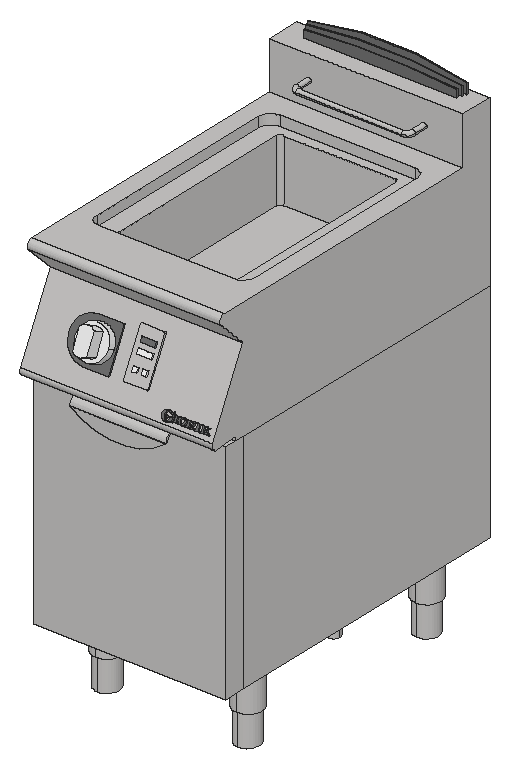
Revit family "QF_GIORIK_FG7113MT", category Specialty Equipment, Revit 2014
Parameters (values of type "FG7113MT")
  Weight in Pounds = 149.9142
  Watts = 100 W
  Volts = 230 V
  URL Cutsheet = "www.giorik.com"
  URL = "www.giorik.com"
  Status [instance] = ""
  Specification by User [instance] = ""
  Specification by Manufacturer = ""
  Show Logo [instance] = yes
  Show Clearance [instance] = yes
  Serial Number = ""
  Seismic Rating = ""
  SMACNA No = ""
  Revision Code [instance] = ""
  Phase = 1
  Number of Poles [instance] = 1
  NAFEM Spec ID Number = ""
  Model = "FG7113MT"
  Min Ckt Ampacity = 0 A
  Mechanical Remarks [instance] = "Natural Gas"
  Mechanical Connection Type [instance] = ""
  Max Overcurrent Protection = 0 A
  Masterspec = ""
  Manufacturer = "GIORIK"
  Item Number [instance] = ""
  Installed By [instance] = ""
  Identify Quantity as Lot [instance] = no
  HP = "0.134102000000"
  Gas Size = 1"
  Gas RI Height [instance] = 0 mm
  Gas KW = 11.5
  Gas Input = 11500 W
  Gas Connection Height [instance] = 150 mm
  Furnished By [instance] = ""
  Foodservice Equipment Identifier [instance] = yes
  FL Amps = 0 A
  Electrical Remarks [instance] = ""
  Electric Connection Type [instance] = ""
  Elec Conn RI Height [instance] = 0 mm
  Elec Conn Connection Height [instance] = 150 mm
  Description = "13 LITRE MELTING GAS FRYER."
  Cycle = 50 Hz
  Conn Plug = ""
  Conn Conduit [instance] = no
  CSI MasterFormat = ""
  Assembly Code = "E1090320"
  Apparent Power = 100 VA
Reference planes
  plane 1 "Back": y = 0
  plane 2: z = 0
  plane 3 "Left": x = 0
  plane 4 "Right": x = 400
  plane 5 "Front": y = -720
  plane 6 "Top": z = 900
Forms (mm)
  Extrusion 1, solid, visible <- "Show Logo"
    sketch origin (196.604, -736.761, 609.486) x (-1, 0, 0) y (0, 0.452718, 0.891654)
      loop
        line (-118.824, 58.358) -> (-127.804, 58.358) -> (-125.523, 56.445) -> (-125.523, 48.027) -> (-127.804, 46.113) -> (-118.824, 46.113) -> (-121.105, 48.027) -> (-121.105, 56.445) -> (-118.824, 58.358)
      loop
        line (-163.721, 58.358) -> (-172.7, 58.358) -> (-170.42, 56.445) -> (-170.42, 48.027) -> (-172.7, 46.113) -> (-163.721, 46.113) -> (-166.001, 48.027) -> (-166.001, 56.445) -> (-163.721, 58.358)
      loop
        line (-174.332, 58.358) -> (-183.312, 58.358) -> (-181.031, 56.445) -> (-181.031, 52.435) -> (-186.419, 56.955) -> (-184.416, 58.358) -> (-191.268, 58.358) -> (-188.01, 56.839) -> (-185.455, 54.283) -> (-190.846, 47.858) -> (-193.396, 46.93) -> (-193.396, 46.113) -> (-184.416, 46.113) -> (-185.437, 47.571) -> (-182.443, 51.552) -> (-181.031, 50.894) -> (-181.031, 48.027) -> (-183.312, 46.113) -> (-174.332, 46.113) -> (-176.613, 48.027) -> (-176.613, 56.445) -> (-174.332, 58.358)
      loop
        line (-115.429, 62.063) -> (-115.429, 54.198)
        arc (-115.429, 54.198) -> (-111.618, 57.803) -> (-106.847, 59.986) r 16.039
        arc (-106.847, 59.986) -> (-103.314, 59.837) -> (-100.512, 57.68) r 5.851
        arc (-100.512, 57.68) -> (-98.815, 52.267) -> (-100.512, 46.853) r 9.479
        arc (-100.512, 46.853) -> (-102.406, 44.986) -> (-104.846, 43.93) r 7.236
        arc (-104.846, 43.93) -> (-107.728, 44.111) -> (-110.052, 45.825) r 5.11
        line (-110.052, 45.825) -> (-110.052, 52.001) -> (-116.141, 52.001) -> (-116.141, 45.503) -> (-117.893, 43.751) -> (-114.094, 44.769)
        arc (-114.094, 44.769) -> (-112.56, 44.947) -> (-111.129, 44.366) r 3.115
        arc (-111.129, 44.366) -> (-104.216, 42.091) -> (-97.303, 44.366) r 11.641
        arc (-97.303, 44.366) -> (-93.396, 52.107) -> (-97.303, 59.849) r 9.622
        arc (-97.303, 59.849) -> (-104.369, 62.174) -> (-111.435, 59.849) r 11.898
        line (-111.435, 59.849) -> (-115.429, 62.063)
      loop
        arc (-129.234, 56.068) -> (-135.893, 58.628) -> (-142.552, 56.068) r 9.941
        arc (-142.552, 56.068) -> (-144.234, 52.286) -> (-142.552, 48.505) r 5.093
        arc (-142.552, 48.505) -> (-135.893, 45.945) -> (-129.234, 48.505) r 9.941
        arc (-129.234, 48.505) -> (-127.552, 52.286) -> (-129.234, 56.068) r 5.093
      loop
        arc (-132.628, 54.403) -> (-135.893, 57.668) -> (-139.158, 54.403) r 3.265
        line (-139.158, 54.403) -> (-139.158, 50.169)
        arc (-139.158, 50.169) -> (-135.893, 46.904) -> (-132.628, 50.169) r 3.265
        line (-132.628, 50.169) -> (-132.628, 54.403)
      loop
        arc (-156.363, 58.365) -> (-159.647, 55.081) -> (-156.363, 51.796) r 3.285
        line (-156.363, 51.796) -> (-159.529, 47.306) -> (-162.087, 46.113) -> (-155.847, 46.113) -> (-153.529, 51.083) -> (-150.637, 51.083) -> (-150.637, 47.784) -> (-153.022, 46.113) -> (-144.011, 46.113) -> (-146.094, 47.68) -> (-146.094, 56.493) -> (-144.229, 58.365) -> (-156.363, 58.365)
      loop
        line (-150.637, 57.512) -> (-153.637, 57.512)
        arc (-153.637, 57.512) -> (-156.237, 54.912) -> (-153.637, 52.312) r 2.6
        line (-153.637, 52.312) -> (-150.637, 52.312) -> (-150.637, 57.512)
      loop
        line (-108.924, 52.001) -> (-104.936, 49.005) -> (-100.948, 52.001) -> (-108.924, 52.001)
    from 1.5 to -0.5
  Extrusion 2, solid
    sketch origin (-16, 1025.81, 0) x (1, 0, 0) y (0, 1, 0)
      loop
        line (25, -1086.81) -> (25, -1156.81) -> (115, -1156.81) -> (115, -1086.81) -> (25, -1086.81)
    from 148 to 150
  Extrusion 3, solid
    sketch origin (-14, 0, 130) x (1, 0, 0) y (0, 1, 0)
      loop
        circle (54, -385) r 12.5
    from 0 to 20
  Extrusion 4, solid
    sketch origin (0, 1000, -20) x (0, 1, 0) y (0, 0, 1)
      loop
        line (-1000, 989.988) -> (-1070, 989.988) -> (-1070, 889.988) -> (-1688.806, 889.988)
        arc (-1688.806, 889.988) -> (-1699.151, 883.075) -> (-1696.724, 870.873) r 11.197
        line (-1696.724, 870.873) -> (-1640.876, 815.025) -> (-1718.948, 661.258)
        arc (-1718.948, 661.258) -> (-1718.233, 650.105) -> (-1708.118, 645.354) r 10.981
        line (-1708.118, 645.354) -> (-1660, 649.925) -> (-1660, 640) -> (-1000, 640) -> (-1000, 989.988)
    from 0 to 400
  Extrusion 5, solid
    sketch origin (0, 0, 599.536) x (1, 0, 0) y (0, 1, 0)
      loop
        line (0, -640) -> (40, -640) -> (40, -40) -> (360, -40) -> (360, -640) -> (400, -640) -> (400, 0) -> (0, 0) -> (0, -640)
    from -449.536 to 20.464
  Extrusion 6, solid
    sketch origin (0, 0, 0) x (1, 0, 0) y (0, 1, 0)
      loop
        line (40, -40) -> (40, -640) -> (360, -640) -> (360, -40) -> (40, -40)
    from 150 to 190
  Extrusion 7, solid
    sketch origin (-16, 560.81, 0) x (1, 0, 0) y (0, 1, 0)
      loop
        line (25, -1086.81) -> (25, -1156.81) -> (115, -1156.81) -> (115, -1086.81) -> (25, -1086.81)
    from 148 to 150
  Revolve 8, solid
    sketch origin (54, 560.81, 0) x (0, 1, 0) y (0, 0, 1)
      loop
        line (-1092.56, 66) -> (-1092.56, 148) -> (-1121.81, 148) -> (-1121.81, 0) -> (-1096.81, 0) -> (-1096.81, 66) -> (-1092.56, 66)
      axis (-1121.81, 0) -> (-1121.81, 148)
    angle from 0 to 360
  Revolve 9, solid
    sketch origin (54, 1025.81, 0) x (0, 1, 0) y (0, 0, 1)
      loop
        line (-1092.56, 66) -> (-1092.56, 148) -> (-1121.81, 148) -> (-1121.81, 0) -> (-1096.81, 0) -> (-1096.81, 66) -> (-1092.56, 66)
      axis (-1121.81, 0) -> (-1121.81, 148)
    angle from 0 to 360
  Extrusion 10, solid
    sketch origin (416, 560.81, 0) x (-1, 0, 0) y (0, -1, 0)
      loop
        line (25, 1086.81) -> (115, 1086.81) -> (115, 1156.81) -> (25, 1156.81) -> (25, 1086.81)
    from 148 to 150
  Revolve 11, solid
    sketch origin (346, 560.81, 0) x (0, 1, 0) y (0, 0, -1)
      loop
        line (-1092.56, -66) -> (-1096.81, -66) -> (-1096.81, 0) -> (-1121.81, 0) -> (-1121.81, -148) -> (-1092.56, -148) -> (-1092.56, -66)
      axis (-1121.81, 0) -> (-1121.81, -148)
    angle from 0 to 360
  Extrusion 12, solid
    sketch origin (416, -1217.81, 0) x (-1, 0, 0) y (0, -1, 0)
      loop
        line (25, -1086.81) -> (25, -1156.81) -> (115, -1156.81) -> (115, -1086.81) -> (25, -1086.81)
    from 148 to 150
  Revolve 13, solid
    sketch origin (346, -1217.81, 0) x (0, -1, 0) y (0, 0, 1)
      loop
        line (-1092.56, 66) -> (-1092.56, 148) -> (-1121.81, 148) -> (-1121.81, 0) -> (-1096.81, 0) -> (-1096.81, 66) -> (-1092.56, 66)
      axis (-1121.81, 0) -> (-1121.81, 148)
    angle from 0 to 360
  Extrusion 14, solid
    sketch origin (-293.221, -963.345, 52.363) x (1, 0, 0) y (0, 0.452718, 0.891654)
      loop
        line (463.221, 676.25) -> (463.221, 766.25) -> (409.698, 766.25)
        arc (409.698, 766.25) -> (364.698, 721.25) -> (409.698, 676.25) r 45
        line (409.698, 676.25) -> (463.221, 676.25)
    from 48 to 50
  Extrusion 15, solid
    sketch origin (481.331, -1008.697, 74.959) x (-1, 0, 0) y (0, -0.45351, -0.891251)
      loop
        circle (351.331, -721.346) r 35
    from 0 to 15
  Extrusion 16, solid
    sketch origin (481.331, -1008.697, 74.959) x (-1, 0, 0) y (0, -0.45351, -0.891251)
      loop
        arc (336.331, -743.846) -> (351.331, -748.846) -> (366.331, -743.846) r 25
        line (366.331, -743.846) -> (366.331, -698.846)
        arc (366.331, -698.846) -> (351.331, -693.846) -> (336.331, -698.846) r 25
        line (336.331, -698.846) -> (336.331, -743.846)
    from 15 to 40
  Extrusion 17, solid
    sketch origin (-94, 0, 59.999) x (1, 0, 0) y (0, 0, 1)
      loop
        line (135, 909.989) -> (453, 909.989) -> (453, 925.527) -> (347.056, 931.749) -> (240.944, 931.749) -> (135, 925.527) -> (135, 909.989)
    from 32 to 35
  Extrusion 18, solid
    sketch origin (-92, 10, 59.999) x (1, 0, 0) y (0, 0, 1)
      loop
        line (454, 909.989) -> (454, 928.527) -> (346.162, 939.193) -> (237.838, 939.193) -> (130, 928.527) -> (130, 909.989) -> (454, 909.989)
    from 32 to 35
  Extrusion 19, solid
    sketch origin (-90, 20, 59.999) x (1, 0, 0) y (0, 0, 1)
      loop
        line (455, 909.989) -> (455, 930.527) -> (345.396, 947.413) -> (234.604, 947.413) -> (125, 930.527) -> (125, 909.989) -> (455, 909.989)
    from 32 to 35
  Extrusion 20, void
    sketch origin (0, 0, 819.988) x (0, 1, 0) y (-1, 0, 0)
      loop
        arc (-120, -60) -> (-127.322, -42.322) -> (-145, -35) r 25
        line (-145, -35) -> (-565.002, -35)
        arc (-565.002, -35) -> (-582.68, -42.322) -> (-590.002, -60) r 25
        line (-590.002, -60) -> (-590.002, -340)
        arc (-590.002, -340) -> (-582.68, -357.678) -> (-565.002, -365) r 25
        line (-565.002, -365) -> (-145, -365)
        arc (-145, -365) -> (-127.322, -357.678) -> (-120, -340) r 25
        line (-120, -340) -> (-120, -60)
    from -100 to 50
  Extrusion 21, solid
    sketch origin (0, 0, 900) x (0, 1, 0) y (-1, 0, 0)
      loop
        arc (-120, -60) -> (-127.322, -42.322) -> (-145, -35) r 25
        line (-145, -35) -> (-565.002, -35)
        arc (-565.002, -35) -> (-582.68, -42.322) -> (-590.002, -60) r 25
        line (-590.002, -60) -> (-590.002, -340)
        arc (-590.002, -340) -> (-582.68, -357.678) -> (-565.002, -365) r 25
        line (-565.002, -365) -> (-145, -365)
        arc (-145, -365) -> (-127.322, -357.678) -> (-120, -340) r 25
        line (-120, -340) -> (-120, -60)
      loop
        arc (-140, -85.011) -> (-142.929, -77.94) -> (-150, -75.011) r 10
        line (-150, -75.011) -> (-555.002, -75.011)
        arc (-555.002, -75.011) -> (-562.073, -77.94) -> (-565.002, -85.011) r 10
        line (-565.002, -85.011) -> (-565.002, -315)
        arc (-565.002, -315) -> (-562.073, -322.071) -> (-555.002, -325) r 10
        line (-555.002, -325) -> (-150, -325)
        arc (-150, -325) -> (-142.929, -322.071) -> (-140, -315) r 10
        line (-140, -315) -> (-140, -85.011)
    from -180.012 to -50
  Extrusion 22, solid
    sketch origin (0, -725, 0) x (1, 0, 0) y (0, 0, 1)
      loop
        line (0, 620) -> (0, 150) -> (400, 150) -> (400, 620) -> (0, 620)
    from -85 to -40
  Extrusion 23, solid
    sketch origin (2.5, -725, -20.1) x (0, 1, 0) y (0, 0, 1)
      loop
        arc (25, 640.1) -> (14.393, 635.707) -> (10, 625.1) r 15
        line (10, 625.1) -> (12, 625.1)
        arc (12, 625.1) -> (15.808, 634.292) -> (25, 638.1) r 13
        line (25, 638.1) -> (40, 638.1) -> (40, 640.1) -> (25, 640.1)
    from 97.5 to 297.5
  Extrusion 24, solid
    sketch origin (2.5, -724.905, -20.1) x (1, 0, 0) y (0, 0, 1)
      loop
        arc (97.5, 625.1) -> (197.5, 590.089) -> (297.5, 625.1) r 160.316
        line (297.5, 625.1) -> (97.5, 625.1)
    from -11.905 to -9.905
  Extrusion 25, solid, visible <- "Show Clearance", detail levels coarse
    sketch origin (395, -725, 0) x (-1, 0, 0) y (0, -1, 0)
      loop
        line (-5, -40) -> (395, -40)
        arc (395, -40) -> (277.534, 241.069) -> (-5, 354.968) r 395
        line (-5, 354.968) -> (-5, -40)
    from 150 to 620
  Extrusion 26, solid
    sketch origin (0, 0, 100) x (0, 1, 0) y (-1, 0, 0)
      loop
        circle (-380, -380) r 12.5
    from 30 to 50
  Sweep 27, solid
    path origin (0, 0, 919.988) x (0, 1, 0) y (-1, 0, 0)
      loop
        line (-70, -80) -> (-100, -80)
        arc (-100, -80) -> (-107.071, -82.929) -> (-110, -90) r 10
        line (-110, -90) -> (-110, -310)
        arc (-110, -310) -> (-107.071, -317.071) -> (-100, -320) r 10
        line (-100, -320) -> (-70, -320)
    profile origin (80, -85, 919.988) x (1, 0, 0) y (0, 0, 1)
      loop
        circle (0, 0) r 5
  Extrusion 28, solid
    sketch origin (-324.127, -1033.637, 21.856) x (1, 0, 0) y (0, 0.453086, 0.891467)
      loop
        arc (527.687, 837.056) -> (525.919, 836.323) -> (525.187, 834.556) r 2.5
        line (525.187, 834.556) -> (525.187, 739.556)
        arc (525.187, 739.556) -> (525.919, 737.788) -> (527.687, 737.056) r 2.5
        line (527.687, 737.056) -> (572.687, 737.056)
        arc (572.687, 737.056) -> (574.454, 737.788) -> (575.187, 739.556) r 2.5
        line (575.187, 739.556) -> (575.187, 834.556)
        arc (575.187, 834.556) -> (574.454, 836.323) -> (572.687, 837.056) r 2.5
        line (572.687, 837.056) -> (527.687, 837.056)
    from 0 to 2
  Extrusion 29, solid
    sketch origin (-322.169, -1027.435, 34.058) x (1, 0, 0) y (0, 0.453086, 0.891467)
      loop
        line (533.229, 803.367) -> (533.229, 793.367) -> (563.229, 793.367) -> (563.229, 803.367) -> (533.229, 803.367)
    from 0 to 3
  Extrusion 30, solid
    sketch origin (-322.169, -1029.701, 29.601) x (1, 0, 0) y (0, 0.453086, 0.891467)
      loop
        line (533.229, 758.367) -> (533.229, 748.367) -> (543.229, 748.367) -> (543.229, 758.367) -> (533.229, 758.367)
    from 0 to 3
  Extrusion 31, solid
    sketch origin (-322.169, -1036.497, 16.229) x (1, 0, 0) y (0, 0.453086, 0.891467)
      loop
        line (533.229, 803.367) -> (533.229, 793.367) -> (563.229, 793.367) -> (563.229, 803.367) -> (533.229, 803.367)
    from 0 to 3
  Extrusion 32, solid
    sketch origin (-302.169, -1029.701, 29.601) x (1, 0, 0) y (0, 0.453086, 0.891467)
      loop
        line (533.229, 758.367) -> (533.229, 748.367) -> (543.229, 748.367) -> (543.229, 758.367) -> (533.229, 758.367)
    from 0 to 3
Cuts and joins
  Extrusion 20 cuts Extrusion 4
Lines and regions (mm)
  symbolic lines, style "200-EquipBorder-2D"
    curve 1: line (0, -720, 0) -> (400, -720, 0)
    curve 2: line (400, -720, 0) -> (400, 0, 0)
    curve 3: line (400, 0, 0) -> (0, 0, 0)
    curve 4: line (0, 0, 0) -> (0, -720, 0)
  symbolic lines, style "200-EquipInternal-2D"
    curve 5: line (35, -12, 900) -> (365, -12, 900)
    curve 6: line (365, -12, 900) -> (365, -15, 900)
    curve 7: line (365, -15, 900) -> (35, -15, 900)
    curve 8: line (35, -15, 900) -> (35, -12, 900)
    curve 9: line (38, -22, 900) -> (362, -22, 900)
    curve 10: line (362, -22, 900) -> (362, -25, 900)
    curve 11: line (362, -25, 900) -> (38, -25, 900)
    curve 12: line (38, -25, 900) -> (38, -22, 900)
    curve 13: line (41, -32, 900) -> (359, -32, 900)
    curve 14: line (359, -32, 900) -> (359, -35, 900)
    curve 15: line (359, -35, 900) -> (41, -35, 900)
    curve 16: line (41, -35, 900) -> (41, -32, 900)
    curve 17: line (340, -120, 900) -> (60, -120, 900)
    curve 18: arc (60, -120, 900) -> (42.322, -127.322, 900) -> (35, -145, 900) r 25
    curve 19: line (35, -145, 900) -> (35, -565, 900)
    curve 20: arc (365, -145, 900) -> (357.678, -127.322, 900) -> (340, -120, 900) r 25
    curve 21: arc (340, -590, 900) -> (357.633, -582.723, 900) -> (365, -565.128, 900) r 25
    curve 22: line (60, -590, 900) -> (340, -590, 900)
    curve 23: arc (35, -565, 900) -> (42.322, -582.678, 900) -> (60, -590, 900) r 25
    curve 24: line (365, -565.128, 900) -> (365, -145, 900)
    curve 27: line (85, -140, 900) -> (315, -140, 900)
    curve 28: line (325, -150, 900) -> (325, -555.002, 900)
    curve 29: line (75, -555.002, 900) -> (75, -150, 900)
    curve 30: line (315, -565.002, 900) -> (85, -565.002, 900)
    curve 31: arc (85, -140, 900) -> (77.929, -142.929, 900) -> (75, -150, 900) r 10
    curve 32: arc (315, -140, 900) -> (322.071, -142.929, 900) -> (325, -150, 900) r 10
    curve 33: arc (75, -555.002, 900) -> (77.929, -562.073, 900) -> (85, -565.002, 900) r 10
    curve 34: arc (315, -565.002, 900) -> (322.071, -562.073, 900) -> (325, -555.002, 900) r 10
    curve 35: line (75, -70, 900) -> (75, -99.667, 900)
    curve 36: line (85, -100, 900) -> (85, -70, 900)
    curve 37: line (89.989, -104.989, 900) -> (310.27, -104.989, 900)
    curve 38: line (315.032, -100.227, 900) -> (315.032, -70, 900)
    curve 39: line (325.032, -70, 900) -> (325.032, -100.301, 900)
    curve 40: line (310.333, -115, 900) -> (90.333, -115, 900)
    curve 41: arc (90.333, -115, 900) -> (79.491, -110.509, 900) -> (75, -99.667, 900) r 15.333
    curve 42: arc (85, -100, 900) -> (86.461, -103.528, 900) -> (89.989, -104.989, 900) r 4.989
    curve 43: arc (310.333, -115, 900) -> (320.727, -110.695, 900) -> (325.032, -100.301, 900) r 14.699
    curve 44: arc (315.032, -100.227, 900) -> (313.637, -103.594, 900) -> (310.27, -104.989, 900) r 4.762
    curve 45: line (85, -70, 900) -> (315.032, -70, 900)
    curve 46: line (0, -70, 900) -> (75, -70, 900)
    curve 47: line (325, -70, 900) -> (400, -70, 900)
  symbolic lines, style "QF_Door-Drawer Clearances", visible <- "Show Clearance", detail levels coarse
    curve 25: arc (400, -1079.968, 0) -> (130.204, -978.101, 0) -> (1.554, -720, 0) r 395
    curve 26: line (400, -720, 0) -> (400, -1079.968, 0)
Dimensions and locks
  plane 3 "Left" to plane 4 "Right" = 400 mm
  plane 5 "Front" to plane 1 "Back" = 720 mm
  plane 4 "Right" to plane 3 "Left" = 400 mm
  plane 1 "Back" to plane 5 "Front" = 720 mm
  plane 6 "Top" to level = 900 mm  (x2)
  aligned and locked: level to plane 2
Connectors
  electrical at (380, -380, 130), driven by "Apparent Power", driven by "Volts", driven by "Number of Poles"
    settings: on Extrusion 26, index 1, voltage 230 V, apparent load 0 VA, apparent load phase1 100 VA, apparent load phase2 0 VA, apparent load phase3 0 VA, power factor 1, load classification "Other", number of poles 1, system type 31, power factor state 1, is connector primary yes, connector utility no, sub classification motor no, connector description "Electrical connection"
  piping at (40, -385, 130), diameter 25.4, driven by "Gas Size"
    settings: on Extrusion 3, index 2, connector inside diameter 24", connector length 0 mm, flow factor 0, pipe flow 0.0 L/s, pressure drop 0.0 Pa, fitting loss kfactor 0, connector angle 0.00°, fixture units 0, engagement length 0 mm, angle of deflection 0.00°, flow configuration 1, flow direction 1, fitting loss method 0, system type 22, joint type 0, gender type 0, connector reference index -1, connector utility 0, adjustable connector no, is connector primary yes, connector description "Gas inlet"
